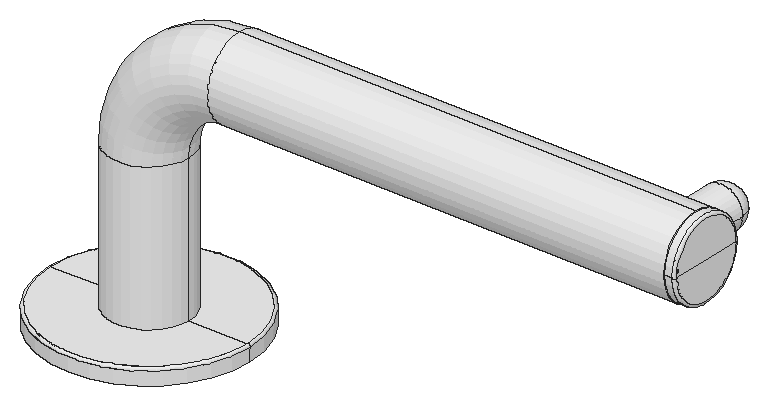
Revit family "Bathroom-Accessory-Waterworks-Flyte-Paper_Holder", category Specialty Equipment, host Face, Revit 2014
Parameters (values of type "Chrome")
  ‌Installation Requirements or Notes = "Wall Mounted Installation\r"  # constant formula
  Warranty = "http://www.waterworks.com/warranty"
  Version = "2014 - v1.0a"  # constant formula
  Support Phone = "(224) 699-9545"  # constant formula
  Support Email = "mailto:support@anguleris.com"
  Model SKU = if(Constraint = 1, "22-17622-62164", if(Constraint = 2, "22-76729-62115", if(Constraint = 3, "22-90528-33304", if(Constraint = 4, "22-18638-54642", "Not Available"))))  # "22-17622-62164"
  Manufacturer Email = "mailto:acallanan@waterworks.com"
  Length = 0' - 7 3/4"  # constant formula
  Keynote = "22 40 00"
  URL = "http://www.waterworks.com/"
  Product Page URL = "http://www.waterworks.com/flyte-wall-mounted-one-arm-paper-holder-flph01"
  Product Name = if(Constraint = 1, "Flyte Wall Mounted One Arm Paper Holder in Chrome", if(Constraint = 2, "Flyte Wall Mounted One Arm Paper Holder in Graphite", if(Constraint = 3, "Flyte Wall Mounted One Arm Paper Holder in Nickel", if(Constraint = 4, "Flyte Wall Mounted One Arm Paper Holder in Unlacquered Brass", "Not Available"))))  # "Flyte Wall Mounted One Arm Paper Holder in Chrome"
  Product Documentation Link = "http://assets.waterworks.com/wasset/36/original/35836.pdf"
  Model = "FLPH01"  # constant formula
  Material = ""
  Manufacturer Phone Number = "(203)546-6201"  # constant formula
  Manufacturer Address = "60 Backus Avenue, Danbury, CT 06810"  # constant formula
  Manufacturer = "Waterworks"  # constant formula
  Height = 0' - 2 3/8"  # constant formula
  Finish = Metal - Waterworks - Chrome
  Description = if(Constraint = 1, "Wall Mounted One Arm Paper Holder in Chrome", if(Constraint = 2, "Wall Mounted One Arm Paper Holder in Graphite", if(Constraint = 3, "Wall Mounted One Arm Paper Holder in Nickel", if(Constraint = 4, "Wall Mounted One Arm Paper Holder in Unlacquered Brass", "Not Available"))))  # "Wall Mounted One Arm Paper Holder in Chrome"
  Depth = 0' - 3 7/16"  # constant formula
  Default Elevation = 3' - 0"
  Copyright = "@2017 Waterworks Operating Company LLC. All rights reserved"  # constant formula
  Constraint = 1
  Assembly Code = "C1030200"
Types (4): name | Model SKU | Product Name | Finish | Description | Constraint
  Chrome | "22-17622-62164" | "Flyte Wall Mounted One Arm Paper Holder in Chrome" | Metal - Waterworks - Chrome | "Wall Mounted One Arm Paper Holder in Chrome" | 1
  Graphite | "22-76729-62115" | "Flyte Wall Mounted One Arm Paper Holder in Graphite" | Metal - Waterworks - Graphite | "Wall Mounted One Arm Paper Holder in Graphite" | 2
  Nickel | "22-90528-33304" | "Flyte Wall Mounted One Arm Paper Holder in Nickel" | Metal - Waterworks - Nickel | "Wall Mounted One Arm Paper Holder in Nickel" | 3
  Unlacquered Brass | "22-18638-54642" | "Flyte Wall Mounted One Arm Paper Holder in Unlacquered Brass" | Metal - Waterworks - Unlacquered Brass | "Wall Mounted One Arm Paper Holder in Unlacquered Brass" | 4
Reference planes (in)
  plane 1 "Center (Front/Back)": y = 0
  plane 2 "Back": z = 0
  plane 3 "Center (Left/Right)": x = 0
  plane 4 "Left": x = -1.1875
  plane 5 "Bottom": y = -1.1875
  plane 6 "Top": y = 1.1875
  plane 7 "Front": z = 3.4375
  plane 8: y = -0.46875
  plane 9: y = 1.09375
  plane 10: x = -0.46875
  plane 11: x = 0.46875
  plane 12: y = 0.46875
  plane 13 "Right": x = 6.5625
  plane 14: z = 2.5
  plane 15: z = 2.96875
  plane 16: x = 1.1875
Forms (in)
  Revolve 1, solid, material "Metal - Waterworks - Chrome" <- "Finish"
    sketch origin (0, 0, 0) x (1, 0, 0) y (0, 0, 1)
      loop
        line (0, 0) -> (0, 0.15625) -> (-0.46875, 0.15625) -> (-0.46875, 0.1875) -> (-1.15625, 0.1875)
        arc (-1.15625, 0.1875) -> (-1.17835, 0.17835) -> (-1.1875, 0.15625) r 0.03125
        line (-1.1875, 0.15625) -> (-1.1875, 0) -> (0, 0)
      axis (0, 0) -> (0, 0.1875)
    angle from 0 to 360
  Revolve 2, solid, material "Metal - Waterworks - Chrome" <- "Finish"
    sketch origin (12.5625, 0, 2.96875) x (1, 0, 0) y (0, 1, 0)
      loop
        line (-6, 0) -> (-6, 0.4375)
        arc (-6, 0.4375) -> (-6.00915, 0.4596) -> (-6.03125, 0.46875) r 0.03125
        line (-6.03125, 0.46875) -> (-6.125, 0.46875) -> (-6.125, 0) -> (-6, 0)
      axis (-6, 0) -> (-6.125, 0)
    angle from 0 to 360
  Sweep 3, solid, material "Metal - Waterworks - Chrome" <- "Finish"
    path origin (0, 0, 0) x (1, 0, 0) y (0, 0, 1)
      loop
        line (0, 0.15625) -> (0, 1.90625)
        arc (0, 1.90625) -> (0.3112, 2.65755) -> (1.0625, 2.96875) r 1.0625
        line (1.0625, 2.96875) -> (6.4375, 2.96875)
    profile origin (0, 0, 1.03125) x (-1, 0, 0) y (0, -1, 0)
      loop
        circle (0, 0) r 0.46875
  Revolve 4, solid, material "Metal - Waterworks - Chrome" <- "Finish"
    sketch origin (12.5625, 0, 2.96875) x (1, 0, 0) y (0, 1, 0)
      loop
        line (-6.5, 0) -> (-6.25, 0) -> (-6.25, 0.84375)
        arc (-6.25, 0.84375) -> (-6.32322, 1.02053) -> (-6.5, 1.09375) r 0.25
        line (-6.5, 1.09375) -> (-6.5, 0)
      axis (-6.5, 0) -> (-6.5, 1.09375)
    angle from 0 to 360
Cuts and joins
  joined: Revolve 1, Sweep 3, Revolve 4
Lines and regions (in)
  Masking region 1, detail levels coarse
    outline origin (0, 0, 0) x (1, 0, 0) y (0, 0, 1)
      loop
        line (1.1875, 0) -> (1.1875, 0.1875) -> (0.46875, 0.1875) -> (0.46875, 1.90625)
        arc (0.46875, 1.90625) -> (0.64266, 2.32609) -> (1.0625, 2.5) r 0.59375
        line (1.0625, 2.5) -> (6.5625, 2.5) -> (6.5625, 3.4375) -> (1.0625, 3.4375)
        arc (1.0625, 3.4375) -> (-0.02026, 2.98901) -> (-0.46875, 1.90625) r 1.53125
        line (-0.46875, 1.90625) -> (-0.46875, 0.1875) -> (-1.1875, 0.1875) -> (-1.1875, 0) -> (1.1875, 0)
  Masking region 2, detail levels medium+fine
    outline origin (0, 0, 0) x (1, 0, 0) y (0, 0, 1)
      loop
        line (1.1875, 0) -> (1.1875, 0.15625)
        arc (1.1875, 0.15625) -> (1.17835, 0.17835) -> (1.15625, 0.1875) r 0.03125
        line (1.15625, 0.1875) -> (0.46875, 0.1875) -> (0.46875, 1.90625)
        arc (0.46875, 1.90625) -> (0.64266, 2.32609) -> (1.0625, 2.5) r 0.59375
        line (1.0625, 2.5) -> (6.53125, 2.5)
        arc (6.53125, 2.5) -> (6.55335, 2.50915) -> (6.5625, 2.53125) r 0.03125
        line (6.5625, 2.53125) -> (6.5625, 3.40625)
        arc (6.5625, 3.40625) -> (6.55335, 3.42835) -> (6.53125, 3.4375) r 0.03125
        line (6.53125, 3.4375) -> (1.0625, 3.4375)
        arc (1.0625, 3.4375) -> (-0.02026, 2.98901) -> (-0.46875, 1.90625) r 1.53125
        line (-0.46875, 1.90625) -> (-0.46875, 0.1875) -> (-1.15625, 0.1875)
        arc (-1.15625, 0.1875) -> (-1.17835, 0.17835) -> (-1.1875, 0.15625) r 0.03125
        line (-1.1875, 0.15625) -> (-1.1875, 0) -> (1.1875, 0)
  symbolic lines, detail levels medium+fine
    curve 1: line (0.46875, 0, 0.1875) -> (-0.46875, 0, 0.1875)
    curve 3: circle (6.0625, 0, 2.96875) r 0.25 normal (0, -1, 0)
  symbolic lines, detail levels fine
    curve 2: line (6.4375, 0, 3.4375) -> (6.4375, 0, 2.5)
Dimensions and locks (in)
  equal spacing: plane 5 "Bottom", plane 1 "Center (Front/Back)", plane 6 "Top"
  "Height": plane 5 "Bottom" to plane 6 "Top"
  plane 8 to plane 1 "Center (Front/Back)" to plane 9 = 0' - 0 15/32" locked, 0' - 1 3/32" locked
  equal spacing: plane 8, plane 1 "Center (Front/Back)", plane 12, locked at 0.46875 each
  equal spacing: plane 10, plane 3 "Center (Left/Right)", plane 11, locked at 0.46875 each
  "Depth": plane 7 "Front" to plane 2 "Back"
  equal spacing: plane 7 "Front", plane 15, plane 14, locked at 0.46875 each
  "Length": plane 4 "Left" to plane 13 "Right"
  plane 2 "Back" to Revolve 1 sketch curve to Revolve 1 sketch curve to Revolve 1 sketch curve = 0' - 0 5/32" locked, 0' - 0" locked, 0' - 0 1/32" locked
  locked: Revolve 1 sketch curve to plane 4 "Left" at 0.03125
  equal spacing: plane 4 "Left", plane 3 "Center (Left/Right)", plane 16, locked at 1.1875 each
  Revolve 2 sketch curve to Revolve 2 sketch curve to plane 13 "Right" = 0' - 0 3/32" locked, 0' - 0 1/32" locked
  locked: Sweep 3 sketch curve to plane 3 "Center (Left/Right)" at 1.0625
  locked: Sweep 3 sketch curve to plane 15 at 1.0625
  locked: Revolve 4 sketch curve to plane 13 "Right" at 0.5
  plane 1 "Center (Front/Back)" to Revolve 4 sketch curve to Revolve 4 sketch curve = 0' - 0 27/32" locked, 0' - 0 1/4" locked
  locked: Revolve 4 sketch curve to Revolve 4 sketch curve at 0.25
  locked: Masking region 1 sketch curve to plane 11 at 0.59375
  locked: Masking region 1 sketch curve to plane 10 at 1.53125
  locked: Masking region 1 sketch curve to plane 7 "Front" at 1.53125
  locked: Masking region 1 sketch curve to plane 14 at 0.59375
  locked: Masking region 2 sketch curve to plane 7 "Front" at 0.03125
  locked: plane 14 to Masking region 2 sketch curve at 0.03125
  plane 13 "Right" to Masking region 2 sketch curve to Masking region 2 sketch curve = 0' - 0 1/32" locked, 0' - 0" locked
  locked: Masking region 2 sketch curve to plane 11 at 0.59375
  locked: Masking region 2 sketch curve to plane 10 at 1.53125
  locked: Masking region 2 sketch curve to plane 14 at 0.59375
  locked: Masking region 2 sketch curve to plane 7 "Front" at 1.53125
  locked: plane 16 to Masking region 2 sketch curve at 0.03125
  locked: Masking region 2 sketch curve to plane 4 "Left" at 0.03125
  plane 2 "Back" to Masking region 2 sketch curve to Masking region 2 sketch curve = 0' - 0 5/32" locked, 0' - 0" locked
  aligned and locked: host face to plane 2 "Back"
  aligned and locked: level to host face
  aligned and locked: Revolve 1 sketch curve to plane 3 "Center (Left/Right)"
  aligned and locked: plane 10 to Revolve 1 sketch curve
  aligned and locked: plane 3 "Center (Left/Right)" to Revolve 1 sketch curve
  aligned and locked: Revolve 1 sketch curve to plane 2 "Back"
  aligned and locked: Revolve 1 sketch curve to plane 4 "Left"
  aligned and locked: Revolve 2 sketch curve to plane 1 "Center (Front/Back)"
  aligned and locked: Revolve 2 sketch curve to plane 12
  aligned and locked: plane 13 "Right" to Revolve 2 sketch curve
  aligned and locked: plane 1 "Center (Front/Back)" to Revolve 2 sketch curve
  aligned and locked: plane 15 to Sweep 3 sketch curve
  aligned and locked: Sweep 3 sketch curve to plane 3 "Center (Left/Right)"
  aligned and locked: Revolve 1 to Sweep 3 sketch curve
  aligned and locked: Revolve 2 to Sweep 3 sketch curve
  aligned and locked: Sweep 3 sketch curve to Revolve 1  (x2)
  aligned and locked: plane 1 "Center (Front/Back)" to Revolve 4 sketch curve
  aligned and locked: Revolve 4 sketch curve to Revolve 4 sketch curve
  aligned and locked: Masking region 1 sketch curve to plane 10
  aligned and locked: plane 14 to Masking region 1 sketch curve
  aligned and locked: Masking region 1 sketch curve to plane 13 "Right"
  aligned and locked: Masking region 1 sketch curve to plane 7 "Front"
  aligned and locked: Masking region 1 sketch curve to plane 2 "Back"
  aligned and locked: Masking region 1 sketch curve to plane 4 "Left"
  aligned and locked: Masking region 1 sketch curve to Revolve 1  (x2)
  aligned and locked: plane 16 to Masking region 1 sketch curve
  aligned and locked: Masking region 2 sketch curve to plane 13 "Right"
  aligned and locked: Masking region 2 sketch curve to plane 7 "Front"
  aligned and locked: plane 11 to Masking region 2 sketch curve
  aligned and locked: Masking region 2 sketch curve to plane 10
  aligned and locked: plane 16 to Masking region 2 sketch curve
  aligned and locked: Masking region 2 sketch curve to plane 4 "Left"
  aligned and locked: Masking region 2 sketch curve to plane 2 "Back"
  aligned and locked: Masking region 2 to curve 1
  aligned and locked: plane 11 to curve 1
  aligned and locked: plane 10 to curve 1
  aligned and locked: curve 2 to Sweep 3
  aligned and locked: curve 3 to Revolve 4  (x2)
Automatic sketch dimensions
  host sketch curve to host sketch curve = 6' - 0"  (x2)
  Revolve 1 sketch curve to level = 1' - 0"
  plane 7 "Front" to Revolve 1 sketch curve = 0' - 8 9/16"
  Revolve 2 sketch curve to plane 4 "Left" = 0' - 10 13/16"
  Revolve 2 sketch curve to Revolve 2 sketch curve = 1' - 0"
  plane 5 "Bottom" to Revolve 4 sketch curve = 0' - 4 13/16"
  Revolve 4 sketch curve to plane 6 "Top" = 0' - 4 13/16"
  curve 2 to plane 14 = 0' - 0"
  curve 2 to plane 7 "Front" = 0' - 0"
  curve 2 to plane 13 "Right" = 0' - 0 1/8"
